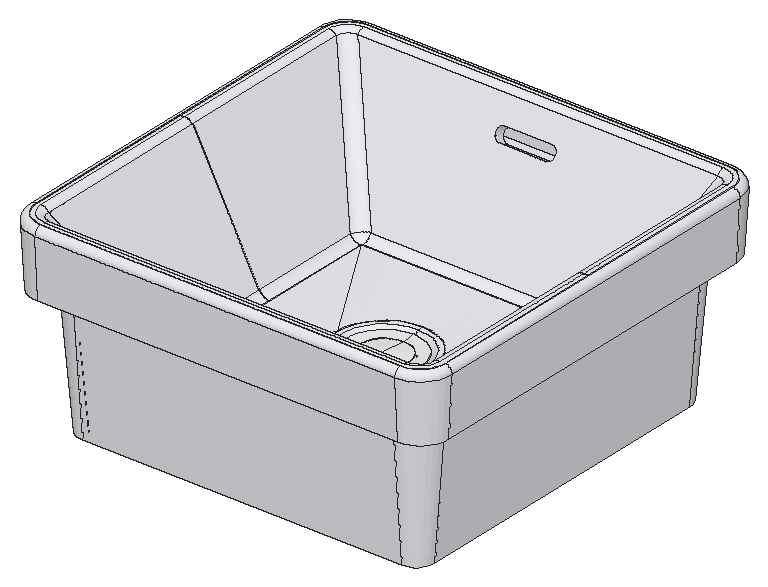
Revit family "CLARK SQUARE 350 INSET NTL", category Plumbing Fixtures, host Face, Revit 2015
Parameters (values of type "CLARK SQUARE 350 INSET NTL")
  Waste Connection = yes
  Vent Connection = no
  URL = "https://www.clark.com.au/"
  Model = "CL40012-W0"
  Material_Waste = GWA_Metal-Chrome
  Material_Basin = GWA-Porcelain-White
  Manufacturer = "GWA Bathrooms & Kitchens"  # constant formula
  HW Connection = no
  Description = "CLARK SQUARE 350 INSET NTL"
  Default Elevation = 0 mm
  CreatedBy_ANZRS = "GWA Bathrooms & Kitchens"  # constant formula
  CW Connection = no
  Assembly Code = "D2010400"
Reference planes
  plane 1 "Center (Front/Back)": y = 0
  plane 2: z = 0
  plane 3 "Center (Left/Right)": x = 0
  plane 4 "offset": z = 60
Forms (mm)
  Sweep 1, solid, material "GWA-Porcelain-White" <- "Material_Basin"
    path in 3D
      loop
        arc (-148.772, -174.772, -60) -> (-167.157, -167.157, -60) -> (-174.772, -148.772, -60) r 26
        line (-174.772, -148.772, -60) -> (-174.772, 148.772, -60)
        arc (-174.772, 148.772, -60) -> (-167.157, 167.157, -60) -> (-148.772, 174.772, -60) r 26
        line (-148.772, 174.772, -60) -> (148.772, 174.772, -60)
        arc (148.772, 174.772, -60) -> (167.157, 167.157, -60) -> (174.772, 148.772, -60) r 26
        line (174.772, 148.772, -60) -> (174.772, -148.772, -60)
        arc (174.772, -148.772, -60) -> (167.157, -167.157, -60) -> (148.772, -174.772, -60) r 26
        line (148.772, -174.772, -60) -> (-148.772, -174.772, -60)
    profile origin (0, -174.772, -60) x (0, -1, 0) y (0, 0, 1)
      loop
        line (-5.999, 115) -> (-7.204, 60) -> (-2.704, 60) -> (-0.008, 108.668)
        arc (-0.008, 108.668) -> (-1.64, 113.124) -> (-5.999, 115) r 6
  Revolve 2, solid, material "GWA-Porcelain-White" <- "Material_Basin"
    sketch origin (0, 0, -60) x (0, 1, 0) y (0, 0, 1)
      loop
        line (-39.358, 0.228) -> (-39.358, -9.785) -> (-33.717, -15.425) -> (-32, -48) -> (-22, -48) -> (-22, -13) -> (-34.999, -0.001) -> (-39.358, 0.228)
      axis (0, 0.228) -> (0, -48)
    angle from 0 to 360
  Blend 3, void
    base sketch origin (0, 0, -56.833) x (1, 0, 0) y (0, 1, 0)
      loop
        circle (0, 0) r 39.358
    top sketch origin (0, 0, -51.541) x (0, -1, 0) y (1, 0, 0)
      loop
        line (-95.425, -95.45) -> (95.425, -95.45) -> (95.425, 95.45) -> (-95.425, 95.45) -> (-95.425, -95.45)
    from -2.94 to -5.292
  Extrusion 4, solid, material "GWA-Porcelain-White" <- "Material_Basin"
    sketch origin (0, 0, -60) x (0, 1, 0) y (0, 0, 1)
      loop
        line (-95.425, 3.167) -> (-95.425, -6.84) -> (95.425, -6.839) -> (95.425, 3.167) -> (-95.425, 3.167)
    from -95.45 to 95.45
  Sweep 5, solid, material "GWA-Porcelain-White" <- "Material_Basin"
    path in 3D
      loop
        line (-103.75, 0, -51.541) -> (-103.75, -93.731, -51.541)
        arc (-103.75, -93.731, -51.541) -> (-100.821, -100.802, -51.541) -> (-93.75, -103.731, -51.541) r 10
        line (-93.75, -103.731, -51.541) -> (93.75, -103.731, -51.541)
        arc (93.75, -103.731, -51.541) -> (100.821, -100.802, -51.541) -> (103.75, -93.731, -51.541) r 10
        line (103.75, -93.731, -51.541) -> (103.75, 0, -51.541)
    profile origin (103.75, -46.866, -51.541) x (-1, 0, 0) y (0, 0, 1)
      loop
        line (-9.985, 0) -> (-9.985, -8.459) -> (8.3, -8.459) -> (8.3, -5.292)
        arc (8.3, -5.292) -> (3.606, -3.499) -> (0, 0) r 12.477
        line (0, 0) -> (-9.985, 0)
  Blend 6, solid, material "GWA-Porcelain-White" <- "Material_Basin"
    base sketch origin (0, 0, -51.541) x (0, -1, 0) y (1, 0, 0)
      loop
        line (0, 103.75) -> (93.731, 103.75)
        arc (93.731, 103.75) -> (100.802, 100.821) -> (103.731, 93.75) r 10
        line (103.731, 93.75) -> (103.731, -93.75)
        arc (103.731, -93.75) -> (100.802, -100.821) -> (93.731, -103.75) r 10
        line (93.731, -103.75) -> (0, -103.75) -> (0, -113.75) -> (93.731, -113.75)
        arc (93.731, -113.75) -> (107.873, -107.892) -> (113.731, -93.75) r 20
        line (113.731, -93.75) -> (113.731, 93.75)
        arc (113.731, 93.75) -> (107.873, 107.892) -> (93.731, 113.75) r 20
        line (93.731, 113.75) -> (0, 113.75) -> (0, 103.75)
    top sketch origin (0, 0, 51.817) x (0, -1, 0) y (1, 0, 0)
      loop
        line (0, 168.7) -> (0, 158.7) -> (148.687, 158.7)
        arc (148.687, 158.7) -> (155.759, 155.771) -> (158.687, 148.7) r 10
        line (158.687, 148.7) -> (158.687, -148.7)
        arc (158.687, -148.7) -> (155.759, -155.771) -> (148.687, -158.7) r 10
        line (148.687, -158.7) -> (0, -158.7) -> (0, -168.7) -> (148.687, -168.7)
        arc (148.687, -168.7) -> (162.83, -162.842) -> (168.687, -148.7) r 20
        line (168.687, -148.7) -> (168.687, 148.7)
        arc (168.687, 148.7) -> (162.83, 162.842) -> (148.687, 168.7) r 20
        line (148.687, 168.7) -> (0, 168.7)
    from 0 to 0
  Sweep 7, solid, material "GWA-Porcelain-White" <- "Material_Basin"
    path in 3D
      loop
        arc (-132, -147, -60) -> (-142.607, -142.607, -60) -> (-147, -132, -60) r 15
        line (-147, -132, -60) -> (-147, 132, -60)
        arc (-147, 132, -60) -> (-142.607, 142.607, -60) -> (-132, 147, -60) r 15
        line (-132, 147, -60) -> (132, 147, -60)
        arc (132, 147, -60) -> (142.607, 142.607, -60) -> (147, 132, -60) r 15
        line (147, 132, -60) -> (147, -132, -60)
        arc (147, -132, -60) -> (142.607, -142.607, -60) -> (132, -147, -60) r 15
        line (132, -147, -60) -> (-132, -147, -60)
    profile origin (0, -147, -60) x (0, -1, 0) y (0, 0, 1)
      loop
        line (-10.038, -48) -> (0, -48) -> (9.711, 63) -> (-0.327, 63) -> (-10.038, -48)
  Sweep 8, solid, material "GWA-Porcelain-White" <- "Material_Basin"
    path in 3D
      loop
        arc (-156.711, 132, 3) -> (-149.473, 149.473, 3) -> (-132, 156.711, 3) r 24.711
        line (-132, 156.711, 3) -> (132, 156.711, 3)
        arc (132, 156.711, 3) -> (149.473, 149.473, 3) -> (156.711, 132, 3) r 24.711
        line (156.711, 132, 3) -> (156.711, -132, 3)
        arc (156.711, -132, 3) -> (149.473, -149.473, 3) -> (132, -156.711, 3) r 24.711
        line (132, -156.711, 3) -> (-132, -156.711, 3)
        arc (-132, -156.711, 3) -> (-149.473, -149.473, 3) -> (-156.711, -132, 3) r 24.711
        line (-156.711, -132, 3) -> (-156.711, 132, 3)
    profile origin (-156.711, 0, 3) x (-1, 0, 0) y (0, 0, 1)
      loop
        line (0, 0) -> (15, 0) -> (15, 10) -> (0, 10) -> (0, 0)
  Sweep 9, solid, material "GWA-Porcelain-White" <- "Material_Basin"
    path in 3D
      loop
        line (-158.7, 0, 51.817) -> (-158.7, -148.687, 51.817)
        arc (-158.7, -148.687, 51.817) -> (-155.771, -155.759, 51.817) -> (-148.7, -158.687, 51.817) r 10
        line (-148.7, -158.687, 51.817) -> (148.7, -158.687, 51.817)
        arc (148.7, -158.687, 51.817) -> (155.771, -155.759, 51.817) -> (158.7, -148.687, 51.817) r 10
        line (158.7, -148.687, 51.817) -> (158.7, 0, 51.817)
    profile origin (158.7, -74.344, 51.817) x (-1, 0, 0) y (0, 0, 1)
      loop
        arc (0, 0) -> (-2.645, 2.339) -> (-6.073, 3.183) r 7.385
        line (-6.073, 3.183) -> (-10.073, 3.183) -> (-10, 0) -> (0, 0)
  Extrusion 10, void
    sketch origin (0, 0, 0) x (1, 0, 0) y (0, 1, 0)
      loop
        circle (0, 0) r 39.358
    from -77.512 to 34.535
  Blend 11, solid, material "GWA-Porcelain-White" <- "Material_Basin"
    base sketch origin (0, 0, -51.541) x (0, 1, 0) y (-1, 0, 0)
      loop
        line (0, 103.75) -> (93.731, 103.75)
        arc (93.731, 103.75) -> (100.802, 100.821) -> (103.731, 93.75) r 10
        line (103.731, 93.75) -> (103.731, -93.75)
        arc (103.731, -93.75) -> (100.802, -100.821) -> (93.731, -103.75) r 10
        line (93.731, -103.75) -> (0, -103.75) -> (0, -113.75) -> (93.731, -113.75)
        arc (93.731, -113.75) -> (107.873, -107.892) -> (113.731, -93.75) r 20
        line (113.731, -93.75) -> (113.731, 93.75)
        arc (113.731, 93.75) -> (107.873, 107.892) -> (93.731, 113.75) r 20
        line (93.731, 113.75) -> (0, 113.75) -> (0, 103.75)
    top sketch origin (0, 0, 51.817) x (0, 1, 0) y (-1, 0, 0)
      loop
        line (0, 168.7) -> (0, 158.7) -> (148.687, 158.7)
        arc (148.687, 158.7) -> (155.759, 155.771) -> (158.687, 148.7) r 10
        line (158.687, 148.7) -> (158.687, -148.7)
        arc (158.687, -148.7) -> (155.759, -155.771) -> (148.687, -158.7) r 10
        line (148.687, -158.7) -> (0, -158.7) -> (0, -168.7) -> (148.687, -168.7)
        arc (148.687, -168.7) -> (162.83, -162.842) -> (168.687, -148.7) r 20
        line (168.687, -148.7) -> (168.687, 148.7)
        arc (168.687, 148.7) -> (162.83, 162.842) -> (148.687, 168.7) r 20
        line (148.687, 168.7) -> (0, 168.7)
    from 0 to 0
  Sweep 12, solid, material "GWA-Porcelain-White" <- "Material_Basin"
    path in 3D
      loop
        line (103.75, 0, -51.541) -> (103.75, 93.731, -51.541)
        arc (103.75, 93.731, -51.541) -> (100.821, 100.802, -51.541) -> (93.75, 103.731, -51.541) r 10
        line (93.75, 103.731, -51.541) -> (-93.75, 103.731, -51.541)
        arc (-93.75, 103.731, -51.541) -> (-100.821, 100.802, -51.541) -> (-103.75, 93.731, -51.541) r 10
        line (-103.75, 93.731, -51.541) -> (-103.75, 0, -51.541)
    profile origin (-103.75, 46.866, -51.541) x (1, 0, 0) y (0, 0, 1)
      loop
        line (-9.985, 0) -> (-9.985, -8.459) -> (8.3, -8.459) -> (8.3, -5.292)
        arc (8.3, -5.292) -> (3.606, -3.499) -> (0, 0) r 12.477
        line (0, 0) -> (-9.985, 0)
  Sweep 13, solid, material "GWA-Porcelain-White" <- "Material_Basin"
    path in 3D
      loop
        line (158.7, 0, 51.817) -> (158.7, 148.687, 51.817)
        arc (158.7, 148.687, 51.817) -> (155.771, 155.759, 51.817) -> (148.7, 158.687, 51.817) r 10
        line (148.7, 158.687, 51.817) -> (-148.7, 158.687, 51.817)
        arc (-148.7, 158.687, 51.817) -> (-155.771, 155.759, 51.817) -> (-158.7, 148.687, 51.817) r 10
        line (-158.7, 148.687, 51.817) -> (-158.7, 0, 51.817)
    profile origin (-158.7, 74.344, 51.817) x (1, 0, 0) y (0, 0, 1)
      loop
        arc (0, 0) -> (-2.645, 2.339) -> (-6.073, 3.183) r 7.385
        line (-6.073, 3.183) -> (-10.073, 3.183) -> (-10, 0) -> (0, 0)
  Extrusion 14, void
    sketch origin (291.592, 105.923, -94.323) x (1, 0, 0) y (0, 0.469472, 0.882948)
      loop
        arc (-310.592, 133.762) -> (-316.592, 127.762) -> (-310.592, 121.762) r 6
        line (-310.592, 121.762) -> (-272.592, 121.762)
        arc (-272.592, 121.762) -> (-266.592, 127.762) -> (-272.592, 133.762) r 6
        line (-272.592, 133.762) -> (-310.592, 133.762)
    from 3.592 to 35.234
  Extrusion 15, solid, material "GWA-Porcelain-White" <- "Material_Basin"
    sketch origin (0, 0, -60) x (0, 1, 0) y (0, 0, 1)
      loop
        line (146.673, 63) -> (142.773, 63) -> (113.731, 8.459) -> (113.716, 0) -> (95.431, 0) -> (95.425, -6.839) -> (-2.914, -6.839) -> (-2.914, -46.581) -> (137.086, -46.581) -> (146.673, 63)
    from -31 to 31
  Extrusion 16, void
    sketch origin (0, 0, 0) x (1, 0, 0) y (0, 1, 0)
      loop
        circle (0, 0) r 32
    from -119.733 to 19.402
  Revolve 17, solid, material "GWA_Metal-Chrome" <- "Material_Waste"
    sketch origin (0, -78.484, -222.565) x (0, 1, 0) y (0, 0, 1)
      loop
        line (95.607, 133.565) -> (97.728, 137.24) -> (97.728, 150.89) -> (99.827, 155.393) -> (99.827, 159.253) -> (108.473, 160.565) -> (108.473, 161.365) -> (98.478, 160.49) -> (98.478, 155.692) -> (95.729, 149.795) -> (95.729, 137.775) -> (93.299, 133.565) -> (95.607, 133.565)
      axis (78.484, 161.365) -> (78.484, 133.565)
    angle from 0 to 360
  Revolve 18, solid, material "GWA_Metal-Chrome" <- "Material_Waste"
    sketch origin (0, -78.484, -222.565) x (0, 1, 0) y (0, 0, 1)
      loop
        line (98.178, 159.504) -> (98.178, 160.504)
        arc (98.178, 160.504) -> (88.381, 161.998) -> (78.484, 162.514) r 100
        line (78.484, 162.514) -> (78.484, 159.504) -> (98.178, 159.504)
      axis (78.484, 162.514) -> (78.484, 159.504)
    angle from 0 to 360
Cuts and joins
  Blend 3, Extrusion 10 cuts Extrusion 4
  Extrusion 14 cuts Blend 11
  Extrusion 16 cuts Extrusion 15
Lines and regions (mm)
  Masking region 1
    outline origin (0, 0, 0) x (1, 0, 0) y (0, 1, 0)
      loop
        arc (-149, 175) -> (-167.385, 167.385) -> (-175, 149) r 26
        line (-175, 149) -> (-175, -149)
        arc (-175, -149) -> (-167.385, -167.385) -> (-149, -175) r 26
        line (-149, -175) -> (149, -175)
        arc (149, -175) -> (167.385, -167.385) -> (175, -149) r 26
        line (175, -149) -> (175, 149)
        arc (175, 149) -> (167.385, 167.385) -> (149, 175) r 26
        line (149, 175) -> (-149, 175)
  Masking region 2
    outline origin (0, 0, -60) x (1, 0, 0) y (0, 0, 1)
      loop
        line (-172.068, 60) -> (172.068, 60) -> (174.78, 108.666)
        arc (174.78, 108.666) -> (173.149, 113.123) -> (168.79, 115) r 6
        line (168.79, 115) -> (-168.79, 115)
        arc (-168.79, 115) -> (-173.149, 113.123) -> (-174.78, 108.666) r 6
        line (-174.78, 108.666) -> (-172.068, 60)
  Masking region 3
    outline origin (0, 0, -60) x (0, 1, 0) y (0, 0, 1)
      loop
        line (168.767, 115) -> (-168.767, 115)
        arc (-168.767, 115) -> (-173.125, 113.124) -> (-174.757, 108.669) r 6
        line (-174.757, 108.669) -> (-172.068, 60) -> (172.068, 60) -> (174.757, 108.669)
        arc (174.757, 108.669) -> (173.125, 113.124) -> (168.767, 115) r 6
  sketch lines
    curve 1: line (148.772, -174.772, -60) -> (-148.772, -174.772, -60)
    curve 2: arc (-148.772, -174.772, -60) -> (-167.157, -167.157, -60) -> (-174.772, -148.772, -60) r 26
    curve 3: line (-174.772, -148.772, -60) -> (-174.772, 148.772, -60)
    curve 4: arc (-174.772, 148.772, -60) -> (-167.157, 167.157, -60) -> (-148.772, 174.772, -60) r 26
    curve 5: line (-148.772, 174.772, -60) -> (148.772, 174.772, -60)
    curve 6: arc (148.772, 174.772, -60) -> (167.157, 167.157, -60) -> (174.772, 148.772, -60) r 26
    curve 7: line (174.772, 148.772, -60) -> (174.772, -148.772, -60)
    curve 8: arc (174.772, -148.772, -60) -> (167.157, -167.157, -60) -> (148.772, -174.772, -60) r 26
    curve 9: line (103.75, -93.731, -51.541) -> (103.75, 0, -51.541)
    curve 10: arc (93.75, -103.731, -51.541) -> (100.821, -100.802, -51.541) -> (103.75, -93.731, -51.541) r 10
    curve 11: line (-93.75, -103.731, -51.541) -> (93.75, -103.731, -51.541)
    curve 12: arc (-103.75, -93.731, -51.541) -> (-100.821, -100.802, -51.541) -> (-93.75, -103.731, -51.541) r 10
    curve 13: line (-103.75, 0, -51.541) -> (-103.75, -93.731, -51.541)
    curve 14: line (132, -147, -60) -> (-132, -147, -60)
    curve 15: arc (147, -132, -60) -> (142.607, -142.607, -60) -> (132, -147, -60) r 15
    curve 16: line (147, 132, -60) -> (147, -132, -60)
    curve 17: arc (132, 147, -60) -> (142.607, 142.607, -60) -> (147, 132, -60) r 15
    curve 18: line (-132, 147, -60) -> (132, 147, -60)
    curve 19: arc (-147, 132, -60) -> (-142.607, 142.607, -60) -> (-132, 147, -60) r 15
    curve 20: line (-147, -132, -60) -> (-147, 132, -60)
    curve 21: arc (-132, -147, -60) -> (-142.607, -142.607, -60) -> (-147, -132, -60) r 15
    curve 22: line (-156.711, -132, 3) -> (-156.711, 132, 3)
    curve 23: arc (-132, -156.711, 3) -> (-149.473, -149.473, 3) -> (-156.711, -132, 3) r 24.711
    curve 24: line (132, -156.711, 3) -> (-132, -156.711, 3)
    curve 25: arc (156.711, -132, 3) -> (149.473, -149.473, 3) -> (132, -156.711, 3) r 24.711
    curve 26: line (156.711, 132, 3) -> (156.711, -132, 3)
    curve 27: arc (132, 156.711, 3) -> (149.473, 149.473, 3) -> (156.711, 132, 3) r 24.711
    curve 28: line (-132, 156.711, 3) -> (132, 156.711, 3)
    curve 29: arc (-156.711, 132, 3) -> (-149.473, 149.473, 3) -> (-132, 156.711, 3) r 24.711
    curve 30: line (158.7, -148.687, 51.817) -> (158.7, 0, 51.817)
    curve 31: arc (148.7, -158.687, 51.817) -> (155.771, -155.759, 51.817) -> (158.7, -148.687, 51.817) r 10
    curve 32: line (-148.7, -158.687, 51.817) -> (148.7, -158.687, 51.817)
    curve 33: arc (-158.7, -148.687, 51.817) -> (-155.771, -155.759, 51.817) -> (-148.7, -158.687, 51.817) r 10
    curve 34: line (-158.7, 0, 51.817) -> (-158.7, -148.687, 51.817)
    curve 35: line (-103.75, 93.731, -51.541) -> (-103.75, 0, -51.541)
    curve 36: arc (-93.75, 103.731, -51.541) -> (-100.821, 100.802, -51.541) -> (-103.75, 93.731, -51.541) r 10
    curve 37: line (93.75, 103.731, -51.541) -> (-93.75, 103.731, -51.541)
    curve 38: arc (103.75, 93.731, -51.541) -> (100.821, 100.802, -51.541) -> (93.75, 103.731, -51.541) r 10
    curve 39: line (103.75, 0, -51.541) -> (103.75, 93.731, -51.541)
    curve 40: line (-158.7, 148.687, 51.817) -> (-158.7, 0, 51.817)
    curve 41: arc (-148.7, 158.687, 51.817) -> (-155.771, 155.759, 51.817) -> (-158.7, 148.687, 51.817) r 10
    curve 42: line (148.7, 158.687, 51.817) -> (-148.7, 158.687, 51.817)
    curve 43: arc (158.7, 148.687, 51.817) -> (155.771, 155.759, 51.817) -> (148.7, 158.687, 51.817) r 10
    curve 44: line (158.7, 0, 51.817) -> (158.7, 148.687, 51.817)
  symbolic lines
    curve 45: line (-149, 175, 0) -> (149, 175, 0)
    curve 46: line (-149, -175, 0) -> (149, -175, 0)
    curve 47: line (-175, 149, 0) -> (-175, -149, 0)
    curve 48: line (175, 149, 0) -> (175, -149, 0)
    curve 49: arc (149, 175, 0) -> (167.385, 167.385, 0) -> (175, 149, 0) r 26
    curve 50: arc (175, -149, 0) -> (167.385, -167.385, 0) -> (149, -175, 0) r 26
    curve 51: arc (-149, -175, 0) -> (-167.385, -167.385, 0) -> (-175, -149, 0) r 26
    curve 52: arc (-175, 149, 0) -> (-167.385, 167.385, 0) -> (-149, 175, 0) r 26
    curve 53: line (148.7, 158.687, 0) -> (-148.7, 158.687, 0)
    curve 54: line (158.7, 148.687, 0) -> (158.7, -148.687, 0)
    curve 55: line (-158.7, 148.687, 0) -> (-158.7, -148.687, 0)
    curve 56: line (-148.7, -158.687, 0) -> (148.7, -158.687, 0)
    curve 57: line (-93.75, -103.731, 0) -> (93.75, -103.731, 0)
    curve 58: line (103.75, -93.731, 0) -> (103.75, 93.731, 0)
    curve 59: line (-93.75, 103.731, 0) -> (93.75, 103.731, 0)
    curve 60: line (-103.75, -93.731, 0) -> (-103.75, 93.731, 0)
    curve 61: circle (0, 0, 0) r 20 normal (0, 0, 1)
    curve 62: circle (0, 0, 0) r 30 normal (0, 0, 1)
    curve 63: arc (93.75, 103.731, 0) -> (100.821, 100.802, 0) -> (103.75, 93.731, 0) r 10
    curve 64: arc (103.75, -93.731, 0) -> (100.821, -100.802, 0) -> (93.75, -103.731, 0) r 10
    curve 65: arc (-93.75, -103.731, 0) -> (-100.821, -100.802, 0) -> (-103.75, -93.731, 0) r 10
    curve 66: arc (-103.75, 93.731, 0) -> (-100.821, 100.802, 0) -> (-93.75, 103.731, 0) r 10
    curve 67: arc (148.7, 158.687, 0) -> (155.771, 155.759, 0) -> (158.7, 148.687, 0) r 10
    curve 68: arc (-148.7, 158.687, 0) -> (-155.771, 155.759, 0) -> (-158.7, 148.687, 0) r 10
    curve 69: arc (-158.7, -148.687, 0) -> (-155.771, -155.759, 0) -> (-148.7, -158.687, 0) r 10
    curve 70: arc (148.7, -158.687, 0) -> (155.771, -155.759, 0) -> (158.7, -148.687, 0) r 10
    curve 71: line (172.068, 0, 0) -> (-172.068, 0, 0)
    curve 72: line (-172.068, 0, 0) -> (-174.78, 0, 48.666)
    curve 73: line (172.068, 0, 0) -> (174.78, 0, 48.666)
    curve 74: line (168.79, 0, 55) -> (-168.79, 0, 55)
    curve 75: arc (168.79, 0, 55) -> (173.149, 0, 53.123) -> (174.78, 0, 48.666) r 6
    curve 76: arc (-168.79, 0, 55) -> (-173.149, 0, 53.123) -> (-174.78, 0, 48.666) r 6
    curve 77: line (0, 172.068, 0) -> (0, -172.068, 0)
    curve 78: line (0, -172.068, 0) -> (0, -174.757, 48.669)
    curve 79: line (0, 172.068, 0) -> (0, 174.757, 48.669)
    curve 80: line (0, 168.767, 55) -> (0, -168.767, 55)
    curve 81: arc (0, 168.767, 55) -> (0, 173.125, 53.124) -> (0, 174.757, 48.669) r 6
    curve 82: arc (0, -168.767, 55) -> (0, -173.125, 53.124) -> (0, -174.757, 48.669) r 6
Dimensions and locks
  aligned and locked: plane 2 to host face
  aligned and locked: level to host face
Connectors
  piping at (0, 0, -108), diameter 60
    settings: on Revolve 2, index 1, connector inside diameter 609.6 mm, connector length 0 mm, flow factor 0, pipe flow 0.0 L/s, pressure drop 0.0 Pa, fitting loss kfactor 0, connector angle 0.00°, fixture units 0, engagement length 0 mm, angle of deflection 0.00°, flow configuration 3, flow direction 2, fitting loss method 0, system type 16, joint type 0, gender type 0, connector reference index -1, connector utility 0, adjustable connector no, is connector primary yes, connector description ""
